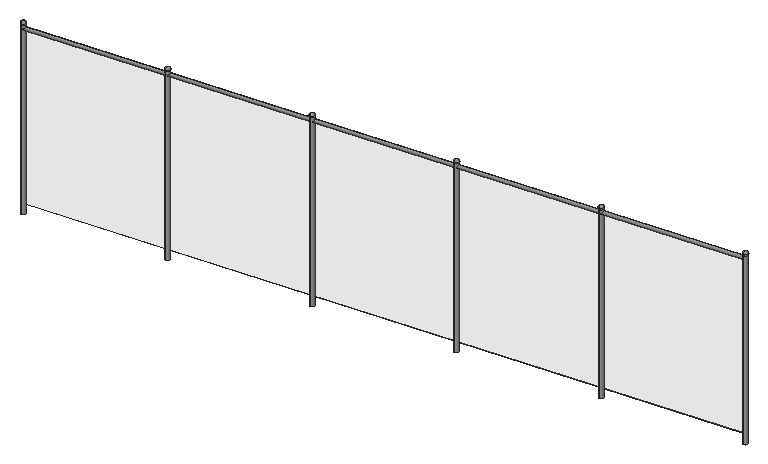
Revit family "RYN_GRM_Chainlink_Fence", category Generic Models, Revit 2025
Family settings
  Can host rebar = No
  Round Connector Dimension = Use Diameter
  Part Type = Normal
  Cut with Voids When Loaded = No
  Maintain Annotation Orientation = No
  Shared = No
  Room Calculation Point = No
Parameters (values of type "H2100")
  Rail Radius = 19.05 mm
  Post Radius = 25.4 mm
  Post Material = Steel, Galvanized
  Post Height Offset [instance] = Delta Elevation / Number of Panels  # 120 mm
  Post Cap On/Off [instance] = yes
  Number of Panels [instance] = roundup([built-in parameter 1001306] / Max Post Spacing)  # 5
  Post Spacing [instance] = [built-in parameter 1001306] / Number of Panels  # 1828.8 mm
  Number of Posts [instance] = Number of Panels + 1  # 6
  Max Post Spacing [instance] = 1828.8 mm
  built-in parameter 1001306 [instance] = 9144 mm
  Default Elevation = 0 mm
  Center Rail On/Off [instance] = no
  Cap Height Above Top Rail = 25.4 mm
  Height = 2100 mm
  Fence Thickness = 4 mm
  Fence Material = Fence-Chain Link
  Delta Elevation [instance] = 600 mm
  Bottom Rail On/Off [instance] = no
  Bottom Rail Height = 100 mm
Reference planes
  plane 1 "Center (Front/Back)": y = 0
  plane 2: z = 0
  plane 3 "Left": x = 0
  plane 4 "Right": x = 9144
  plane 5: z = 2100
  plane 6: z = 100
  plane 7: z = 600
  plane 8: z = 2700
  plane 9: z = 700
  plane 10: z = 1100
  plane 11: z = 1700
Forms (mm)
  SweptBlend 1, solid, material "Steel, Galvanized" <- "Post Material"
    path origin (0, 0, 0) x (1, 0, 0) y (0, 0, 1)
      loop
        line (0, 2100) -> (9144, 2100)
    profile origin (0, 0, 2100) x (0, 0, 1) y (0, -1, 0)
      loop
        circle (0, 0) r 19.05
    end profile origin (9144, 0, 2100) x (0, 0, 1) y (0, -1, 0)
      loop
        circle (600, 0) r 19.05
  SweptBlend 2, solid, material "Steel, Galvanized" <- "Post Material", visible <- "Bottom Rail On/Off"
    path origin (0, 0, 0) x (1, 0, 0) y (0, 0, 1)
      loop
        line (0, 100) -> (9144, 100)
    profile origin (0, 0, 100) x (0, 0, 1) y (0, -1, 0)
      loop
        circle (0, 0) r 19.05
    end profile origin (9144, 0, 100) x (0, 0, 1) y (0, -1, 0)
      loop
        circle (600, 0) r 19.05
  SweptBlend 3, solid, material "Fence-Chain Link" <- "Fence Material"
    path origin (0, 0, 0) x (1, 0, 0) y (0, 0, 1)
      loop
        line (0, 100) -> (9144, 100)
    profile origin (0, 0, 100) x (0, 0, 1) y (0, -1, 0)
      loop
        line (2000, -2) -> (2000, 2) -> (0, 2) -> (0, -2) -> (2000, -2)
    end profile origin (9144, 0, 100) x (0, 0, 1) y (0, -1, 0)
      loop
        line (2600, -2) -> (2600, 2) -> (600, 2) -> (600, -2) -> (2600, -2)
  SweptBlend 4, solid, material "Steel, Galvanized" <- "Post Material", visible <- "Center Rail On/Off"
    path origin (0, 0, 0) x (1, 0, 0) y (0, 0, 1)
      loop
        line (0, 1100) -> (9144, 1100)
    profile origin (0, 0, 1100) x (0, 0, 1) y (0, -1, 0)
      loop
        circle (0, 0) r 19.05
    end profile origin (9144, 0, 1100) x (0, 0, 1) y (0, -1, 0)
      loop
        circle (600, 0) r 19.05
Lines and regions (mm)
  reference lines
    curve 1: line (0, 0, 0) -> (9144, 0, 0)
Dimensions and locks
  "built-in parameter 1001306": plane 3 "Left" to plane 4 "Right"
  "Height": plane 5 to level
  "Bottom Rail Height": plane 6 to level
  equal spacing: group 1, group 2, group 3, group 4, group 5, group 6  (x3)
  "Post Spacing": nested 2 to plane 3 "Left"
  "Post Height Offset": nested 2 to plane 2
  "Delta Elevation": plane 7 to plane 2
  "Height": plane 8 to plane 7
  "Bottom Rail Height": plane 9 to plane 7
  equal spacing: SweptBlend 3 sketch curve, nested 2, SweptBlend 3 sketch curve
  "Fence Thickness": SweptBlend 3 sketch curve to SweptBlend 3 sketch curve  (x2)
  equal spacing: SweptBlend 3 sketch curve, plane 1 "Center (Front/Back)", SweptBlend 3 sketch curve
  equal spacing: plane 5, plane 10, plane 6
  equal spacing: plane 8, plane 11, plane 9
  "Rail Radius": radius of SweptBlend 1 sketch curve  (x2)
  "Rail Radius": radius of SweptBlend 2 sketch curve  (x2)
  "Rail Radius": radius of SweptBlend 4 sketch curve  (x2)
  aligned and locked: plane 4 "Right" to curve 1
  aligned and locked: plane 1 "Center (Front/Back)" to curve 1
  aligned and locked: plane 3 "Left" to curve 1
  aligned and locked: level to plane 2
  aligned and locked: plane 3 "Left" to nested 1
  aligned and locked: nested 1 to level
  aligned and locked: plane 3 "Left" to SweptBlend 1 sketch curve
  aligned and locked: nested 1 to SweptBlend 1 sketch curve  (x2)
  aligned and locked: plane 4 "Right" to SweptBlend 1 sketch curve
  aligned and locked: plane 5 to SweptBlend 1 sketch curve
  aligned and locked: plane 8 to SweptBlend 1 sketch curve
  aligned and locked: plane 1 "Center (Front/Back)" to SweptBlend 1 sketch curve
  aligned and locked: plane 3 "Left" to SweptBlend 2 sketch curve
  aligned and locked: SweptBlend 2 sketch curve to plane 6
  aligned and locked: plane 4 "Right" to SweptBlend 2 sketch curve
  aligned and locked: plane 1 "Center (Front/Back)" to SweptBlend 2 sketch curve  (x2)
  aligned and locked: plane 6 to SweptBlend 2 sketch curve
  aligned and locked: plane 9 to SweptBlend 2 sketch curve
  aligned and locked: SweptBlend 3 sketch curve to SweptBlend 2
  aligned and locked: SweptBlend 3 sketch curve to plane 6
  aligned and locked: plane 4 "Right" to SweptBlend 3 sketch curve
  aligned and locked: plane 5 to SweptBlend 3 sketch curve
  aligned and locked: profile plane to SweptBlend 3 sketch curve
  aligned and locked: plane 8 to SweptBlend 3 sketch curve
  aligned and locked: SweptBlend 3 sketch curve to plane 9
  aligned and locked: SweptBlend 4 sketch curve to SweptBlend 3
  aligned and locked: SweptBlend 4 sketch curve to plane 10
  aligned and locked: plane 4 "Right" to SweptBlend 4 sketch curve
  aligned and locked: plane 10 to SweptBlend 4 sketch curve
  aligned and locked: plane 1 "Center (Front/Back)" to SweptBlend 4 sketch curve  (x2)
  aligned and locked: plane 11 to SweptBlend 4 sketch curve
Nested families
  nested 1: "Site-Fencing-ChainLink 1post-GEN-PARAM-UH" at (0, 0, 0), Fence Height <- "Height", Top Rail Radius <- "Rail Radius", Height Above Top Rail <- "Cap Height Above Top Rail", Post Radius <- "Post Radius", Post Material <- "Post Material", Post Cap On/Off <- "Post Cap On/Off", type "chain_link_fence_662"
    with Top Rail Radius 19.05 mm, Post Radius 25.4 mm, Post Material Steel, Galvanized, Post Cap On/Off yes, Height Above Top Rail 25.4 mm, Fence Height 2100 mm
  nested 2: "Site-Fencing-ChainLink 1post-GEN-PARAM-UH" at (1828.8, 0, 120), Fence Height <- "Height", Top Rail Radius <- "Rail Radius", Height Above Top Rail <- "Cap Height Above Top Rail", Post Radius <- "Post Radius", Post Material <- "Post Material", Post Cap On/Off <- "Post Cap On/Off", type "chain_link_fence_662"
    with Top Rail Radius 19.05 mm, Post Radius 25.4 mm, Post Material Steel, Galvanized, Post Cap On/Off yes, Height Above Top Rail 25.4 mm, Fence Height 2100 mm
  nested 3: "Site-Fencing-ChainLink 1post-GEN-PARAM-UH" at (3657.6, 0, 240), Fence Height <- "Height", Top Rail Radius <- "Rail Radius", Height Above Top Rail <- "Cap Height Above Top Rail", Post Radius <- "Post Radius", Post Material <- "Post Material", Post Cap On/Off <- "Post Cap On/Off", type "chain_link_fence_662"
    with Top Rail Radius 19.05 mm, Post Radius 25.4 mm, Post Material Steel, Galvanized, Post Cap On/Off yes, Height Above Top Rail 25.4 mm, Fence Height 2100 mm
  nested 4: "Site-Fencing-ChainLink 1post-GEN-PARAM-UH" at (5486.4, 0, 360), Fence Height <- "Height", Top Rail Radius <- "Rail Radius", Height Above Top Rail <- "Cap Height Above Top Rail", Post Radius <- "Post Radius", Post Material <- "Post Material", Post Cap On/Off <- "Post Cap On/Off", type "chain_link_fence_662"
    with Top Rail Radius 19.05 mm, Post Radius 25.4 mm, Post Material Steel, Galvanized, Post Cap On/Off yes, Height Above Top Rail 25.4 mm, Fence Height 2100 mm
  nested 5: "Site-Fencing-ChainLink 1post-GEN-PARAM-UH" at (7315.2, 0, 480), Fence Height <- "Height", Top Rail Radius <- "Rail Radius", Height Above Top Rail <- "Cap Height Above Top Rail", Post Radius <- "Post Radius", Post Material <- "Post Material", Post Cap On/Off <- "Post Cap On/Off", type "chain_link_fence_662"
    with Top Rail Radius 19.05 mm, Post Radius 25.4 mm, Post Material Steel, Galvanized, Post Cap On/Off yes, Height Above Top Rail 25.4 mm, Fence Height 2100 mm
  nested 6: "Site-Fencing-ChainLink 1post-GEN-PARAM-UH" at (9144, 0, 600), Fence Height <- "Height", Top Rail Radius <- "Rail Radius", Height Above Top Rail <- "Cap Height Above Top Rail", Post Radius <- "Post Radius", Post Material <- "Post Material", Post Cap On/Off <- "Post Cap On/Off", type "chain_link_fence_662"
    with Top Rail Radius 19.05 mm, Post Radius 25.4 mm, Post Material Steel, Galvanized, Post Cap On/Off yes, Height Above Top Rail 25.4 mm, Fence Height 2100 mm
Definition of nested family "Site-Fencing-ChainLink 1post-GEN-PARAM-UH"
  Parameters
    Top Rail Radius [instance] = 25.4 mm
    Post Material [instance] = none
    Post Cap On/Off [instance] = yes
    Fence Height [instance] = 1219.2 mm
    Height Above Top Rail [instance] = 25.4 mm
    Post Radius [instance] = 25.4 mm
    Default Elevation = 0 mm
    Assembly Code = ""
  Reference planes
    plane 1 "Center F/B": y = 0
    plane 2: z = 0
    plane 3 "Center L/R": x = 0
    plane 4: z = 1219.2
    plane 5: x = 25.4
    plane 6 "insertion plane": x = -25.4
    plane 7: z = 1270
    plane 8: z = 1244.6
  Forms (mm)
    Revolve 1, solid, material <- "Post Material"
      sketch origin (0, 0, 0) x (0, 1, 0) y (0, 0, 1)
        loop
          line (0, 1270) -> (-25.4, 1270) -> (-25.4, 0) -> (0, 0) -> (0, 1270)
        axis (0, 1270) -> (0, 0)
      angle from 0 to 360
    Revolve 2, solid, material <- "Post Material", visible <- "Post Cap On/Off"
      sketch origin (0, 0, 0) x (0, 1, 0) y (0, 0, 1)
        loop
          line (0, 1270) -> (0, 1307.399)
          arc (0, 1307.399) -> (-18.493, 1296.049) -> (-25.4, 1275.481) r 31.797
          line (-25.4, 1275.481) -> (-28.283, 1275.481) -> (-28.283, 1270) -> (0, 1270)
        axis (0, 1307.399) -> (0, 1270)
      angle from 0 to 360
  Dimensions and locks
    "Post Radius": plane 5 to plane 3 "Center L/R"
    "Post Radius": plane 3 "Center L/R" to plane 6 "insertion plane"
    "Post Radius": plane 1 "Center F/B" to Revolve 1 sketch curve
    "Post Radius": plane 1 "Center F/B" to Revolve 2 sketch curve
    locked: Revolve 2 sketch curve to Revolve 2 sketch curve at 2.883
    "Height Above Top Rail": plane 7 to plane 8
    "Fence Height": plane 4 to plane 2
    "Top Rail Radius": plane 8 to plane 4
    aligned and locked: Revolve 1 sketch curve to plane 1 "Center F/B"
    aligned and locked: plane 2 to Revolve 1 sketch curve
    aligned and locked: Revolve 1 sketch curve to plane 7
    aligned and locked: plane 7 to Revolve 1
    aligned and locked: plane 7 to Revolve 2
  Automatic sketch dimensions
    Revolve 1 sketch curve to plane 1 "Center F/B" = 0 mm
    Revolve 1 sketch curve to Revolve 1 sketch curve = 150.686 mm
    Revolve 1 sketch curve to plane 7 = 197.734 mm
    Revolve 2 sketch curve to plane 1 "Center F/B" = 0 mm  (x2)
    Revolve 2 sketch curve to plane 1 "Center F/B" = 6.388 mm
    Revolve 2 sketch curve to plane 7 = 5.481 mm
    Revolve 2 sketch curve to plane 7 = 6.25 mm
    Revolve 2 sketch curve to Revolve 2 sketch curve = 70.072 mm
    plane 4 to Revolve 2 sketch curve = 190.908 mm
    Revolve 2 sketch curve to plane 7 = 0 mm
